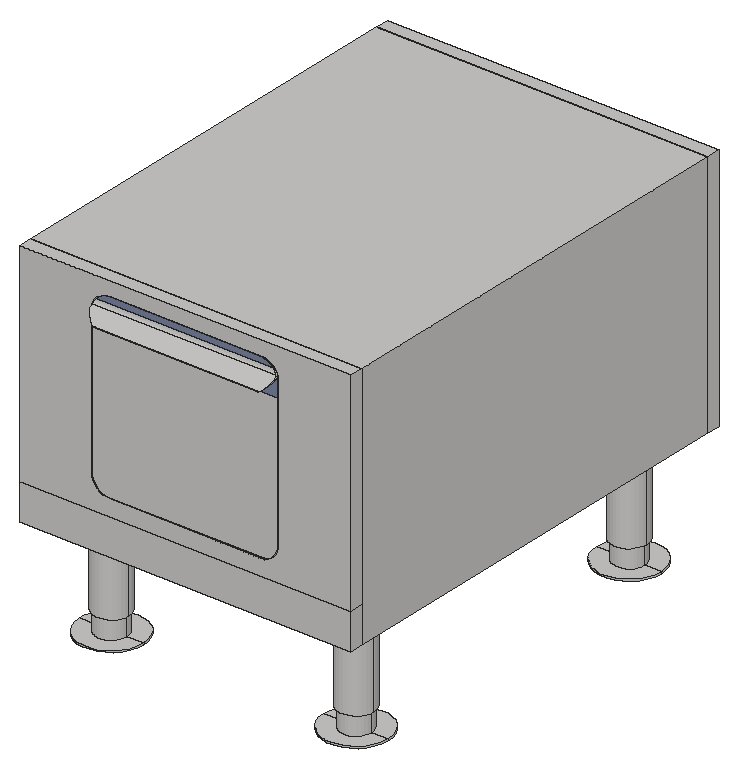
Revit family "QF_ELECTROLUXPROFESSIONAL_589904_MC1ICAFOOM", category Attrezzature speciali, Revit 2021
Family settings
  Quota connettore circolare = Usa diametro
  Tipo di parte = Normale
  Basato su piano di lavoro = No
  Sempre verticale = Sì
  Taglio con vuoti quando caricato = No
  Condiviso = No
  Punto di calcolo locali = No
Parameters (values of type "Standard")
  Weight = 24.00 kg
  Watts = 0 W
  Volts = 0 V
  URL Manufacturer = "https://www.electroluxprofessional.com/"
  URL = "https://www.electroluxprofessional.com/"
  Steam Supply Size = 0"
  Steam Supply Minimum Pressure = 0.00 psi
  Steam Supply Maximum Pressure = 0.00 psi
  Steam Consumption per Hour = 0
  Refrigeration Suction Line Size = 0 mm
  Refrigeration Liquid Line Size = 0 mm
  Refrigerant Compressor Remote = yes
  Prospetto di default = 0 mm
  Phase = 0
  Modello = "MC1ICAFOOM"
  Produttore = "Electrolux Professional"
  Length Actual = 600 mm  # constant formula
  Item Number = "589904"
  Hot Water Size = 0"
  Height Actual = 450 mm  # constant formula
  HP = "0 HP"
  Gas Size = 0"
  Gas KW = 0
  Gas Input Pressure = 0.0 Btu/h
  Direct Waste Size = 0"
  Descrizione = "CUPBOARD BASE, H3, GN, 1DR, 1SIDE, MARINE FEET, 600X900X450H"
  Depth Actual = 900 mm  # constant formula
  Cycle = 0 Hz
  Condensate Return Size = 0"
  Compressed Air Volume = 0 GPM
  Compressed Air Size = 0"
  Compressed Air Pressure = 0.00 psi
  Cold Water Size = 0"
  Accessory = yes
Reference planes
  plane 1 "BACK": y = 0
  plane 2: z = 0
  plane 3 "LEFT": x = -100
  plane 4 "RIGHT": x = 500
  plane 5 "FRONT": y = -900
  plane 6 "PLAIN": z = 900
  plane 7 "Center (Left/Right)": x = 200
  plane 8 "Center (Front/Back)": y = -450
  plane 9 "TOP": z = 650
  plane 10 "BASE": z = 200
  plane 11: x = 422
  plane 12: x = -22
  plane 13 "Feet_back": y = -150
  plane 14 "Feet_Front": y = -770
  plane 15: x = -100
  plane 16: x = 500
  plane 17: z = 265
  plane 18: y = -45
  plane 19: y = -855
  plane 20: y = -70
  plane 21: y = -880
  plane 22 "ButtonZ": z = 590
  plane 23: z = 427
Forms (mm)
  Extrusion 1, solid, material "QF_Finishes_Stainless Steel"
    sketch origin (-100, 0, 650) x (0, 1, 0) y (0, 0, 1)
      loop
        line (-70, -450) -> (-70, 0) -> (-855, 0) -> (-855, -450) -> (-70, -450)
    from 0 to 600
  Extrusion 2, solid, material "QF_Finishes_Stainless Steel"
    sketch origin (-100, 0, 650) x (0, 1, 0) y (0, 0, 1)
      loop
        line (-880, -450) -> (-855, -450) -> (-855, -385) -> (-880, -385) -> (-880, -450)
    from 0 to 600
  Extrusion 3, void
    sketch origin (0, -900, 0) x (1, 0, 0) y (0, 0, 1)
      loop
        line (-100, 650) -> (-100, 265) -> (500, 265) -> (500, 650) -> (-100, 650)
    from 0 to -830
  Extrusion 4, solid, material "QF_Finishes_Stainless Steel"
    sketch origin (0, -900, 0) x (1, 0, 0) y (0, 0, 1)
      loop
        line (-100, 650) -> (-100, 265) -> (500, 265) -> (500, 650) -> (-100, 650)
      loop
        arc (338, 295) -> (360.627, 304.373) -> (370, 327) r 32
        line (370, 327) -> (370, 593)
        arc (370, 593) -> (360.627, 615.627) -> (338, 625) r 32
        line (338, 625) -> (62, 625)
        arc (62, 625) -> (39.373, 615.627) -> (30, 593) r 32
        line (30, 593) -> (30, 327)
        arc (30, 327) -> (39.373, 304.373) -> (62, 295) r 32
        line (62, 295) -> (338, 295)
    from -45 to -830
  Revolve 5, solid, material "QF_Finishes_Stainless Steel"
    sketch origin (396, -770, 0) x (-1, 0, 0) y (0, 0, 1)
      loop
        line (450, 38) -> (450, 200) -> (418, 200) -> (418, 0) -> (476.5, 0) -> (476.5, 3) -> (446, 3) -> (446, 38) -> (450, 38)
      axis (418, 200) -> (418, 0)
    angle from 0 to 360
  Revolve 6, solid, material "QF_Finishes_Stainless Steel"
    sketch origin (640, -770, 0) x (-1, 0, 0) y (0, 0, 1)
      loop
        line (250, 38) -> (250, 200) -> (218, 200) -> (218, 0) -> (276.5, 0) -> (276.5, 3) -> (246, 3) -> (246, 38) -> (250, 38)
      axis (218, 200) -> (218, 0)
    angle from 0 to 360
  Revolve 7, solid, material "QF_Finishes_Stainless Steel"
    sketch origin (396, -150, 0) x (-1, 0, 0) y (0, 0, 1)
      loop
        line (450, 38) -> (450, 200) -> (418, 200) -> (418, 0) -> (476.5, 0) -> (476.5, 3) -> (446, 3) -> (446, 38) -> (450, 38)
      axis (418, 200) -> (418, 0)
    angle from 0 to 360
  Revolve 8, solid, material "QF_Finishes_Stainless Steel"
    sketch origin (640, -150, 0) x (-1, 0, 0) y (0, 0, 1)
      loop
        line (250, 38) -> (250, 200) -> (218, 200) -> (218, 0) -> (276.5, 0) -> (276.5, 3) -> (246, 3) -> (246, 38) -> (250, 38)
      axis (218, 200) -> (218, 0)
    angle from 0 to 360
  Extrusion 9, solid, material "QF_Finishes_Stainless Steel"
    sketch origin (0, -900, 0) x (1, 0, 0) y (0, 0, 1)
      loop
        line (-100, 650) -> (-100, 265) -> (500, 265) -> (500, 650) -> (-100, 650)
      loop
        arc (338, 295) -> (360.627, 304.373) -> (370, 327) r 32
        line (370, 327) -> (370, 593)
        arc (370, 593) -> (360.627, 615.627) -> (338, 625) r 32
        line (338, 625) -> (62, 625)
        arc (62, 625) -> (39.373, 615.627) -> (30, 593) r 32
        line (30, 593) -> (30, 327)
        arc (30, 327) -> (39.373, 304.373) -> (62, 295) r 32
        line (62, 295) -> (338, 295)
    from -45 to -20
  Extrusion 10, solid, material "QF_Finishes_Stainless Steel"
    sketch origin (0, 0, 0) x (1, 0, 0) y (0, 0, 1)
      loop
        line (-100, 650) -> (-100, 200) -> (500, 200) -> (500, 650) -> (-100, 650)
    from 45 to 70
  Extrusion 11, solid, material "QF_Finishes_Stainless Steel"
    sketch origin (0, -450, 0) x (-1, 0, 0) y (0, 0, 1)
      loop
        line (-370, 427) -> (-30, 427) -> (-30, 450) -> (-370, 450) -> (-370, 427)
    from -405 to 380
Cuts and joins
  Extrusion 3 cuts Extrusion 1
  joined: Extrusion 1, Extrusion 4
Lines and regions (mm)
  symbolic lines, style "SpecialityEquipmentHiddenLines"
    curve 1: line (-100, 0, 0) -> (500, 0, 0)
    curve 2: line (-100, -900, 0) -> (-100, 0, 0)
    curve 3: line (500, -900, 0) -> (-100, -900, 0)
    curve 4: line (500, 0, 0) -> (500, -900, 0)
Dimensions and locks
  plane 3 "LEFT" to plane 4 "RIGHT" = 600 mm
  plane 5 "FRONT" to plane 1 "BACK" = 900 mm
  equal spacing: plane 3 "LEFT", plane 7 "Center (Left/Right)", plane 4 "RIGHT"
  equal spacing: plane 5 "FRONT", plane 8 "Center (Front/Back)", plane 1 "BACK"
  plane 6 "PLAIN" to plane 9 "TOP" = 250 mm
  plane 10 "BASE" to level = 200 mm
  plane 9 "TOP" to plane 10 "BASE" = 450 mm
  locked: plane 1 "BACK" to plane 13 "Feet_back" at 150
  locked: plane 14 "Feet_Front" to plane 5 "FRONT" at 130
  locked: plane 12 to plane 3 "LEFT" at 78
  locked: plane 11 to plane 4 "RIGHT" at 78
  plane 16 to plane 15 = 600 mm
  locked: plane 17 to plane 10 "BASE" at 65
  locked: plane 1 "BACK" to plane 18 at 45
  locked: Extrusion 4 sketch curve to plane 17 at 30
  plane 6 "PLAIN" to level = 900 mm
  locked: plane 18 to plane 20 at 25
  locked: plane 21 to plane 5 "FRONT" at 20
  locked: plane 19 to plane 21 at 25
  plane 18 to plane 21 = 835 mm
  plane 22 "ButtonZ" to level = 590 mm
  plane 16 to plane 7 "Center (Left/Right)" to plane 15 = 300 mm, 300 mm
  plane 23 to plane 17 = 162 mm
  aligned and locked: level to plane 2
  aligned and locked: Extrusion 1 to plane 4 "RIGHT"
  aligned and locked: Extrusion 1 to plane 3 "LEFT"
  aligned and locked: Extrusion 2 to plane 4 "RIGHT"
  aligned and locked: plane 9 "TOP" to Extrusion 3 sketch curve
  aligned and locked: Extrusion 3 sketch curve to plane 15
  aligned and locked: plane 16 to Extrusion 3 sketch curve
  aligned and locked: Extrusion 2 to plane 10 "BASE"
  aligned and locked: Extrusion 2 to plane 17
  aligned and locked: plane 17 to Extrusion 3 sketch curve
  aligned and locked: Extrusion 4 sketch curve to plane 15
  aligned and locked: plane 16 to Extrusion 4 sketch curve
  aligned and locked: plane 9 "TOP" to Extrusion 4 sketch curve
  aligned and locked: plane 17 to Extrusion 4 sketch curve
  aligned and locked: Extrusion 4 to plane 20
  aligned and locked: cut or joined group of Extrusion 1, Extrusion 3, Extrusion 4 to plane 20
  aligned and locked: Extrusion 2 to plane 19
  aligned and locked: plane 21 to Extrusion 2
Automatic sketch dimensions
  curve 3 to plane 3 "LEFT" = 0 mm
  curve 3 to plane 4 "RIGHT" = 0 mm
  plane 5 "FRONT" to curve 3 = 0 mm
  plane 1 "BACK" to curve 2 = 0 mm
  Extrusion 1 sketch curve to plane 10 "BASE" = 0 mm
  Extrusion 1 sketch curve to plane 19 = 0 mm
  Extrusion 1 sketch curve to plane 20 = 0 mm
  Extrusion 1 sketch curve to plane 9 "TOP" = 0 mm
  plane 17 to Extrusion 2 sketch curve = 0 mm
  Extrusion 2 sketch curve to plane 21 = 0 mm
  Extrusion 2 sketch curve to plane 10 "BASE" = 0 mm
  Extrusion 2 sketch curve to plane 19 = 0 mm
  Revolve 5 sketch curve to plane 12 = 0 mm  (x2)
  Revolve 5 sketch curve to level = 0 mm
  Revolve 5 sketch curve to plane 10 "BASE" = 0 mm
  Revolve 5 sketch curve to plane 12 = 28 mm
  Revolve 5 sketch curve to Revolve 5 sketch curve = 32 mm
  plane 3 "LEFT" to Revolve 5 sketch curve = 19.5 mm
  level to Revolve 5 sketch curve = 3 mm
  Revolve 5 sketch curve to Revolve 5 sketch curve = 35 mm
  Revolve 5 sketch curve to Revolve 5 sketch curve = 130 mm
  Revolve 5 sketch curve to plane 17 = 115 mm
  Revolve 6 sketch curve to plane 11 = 0 mm  (x2)
  Revolve 6 sketch curve to level = 0 mm
  Revolve 6 sketch curve to plane 10 "BASE" = 0 mm
  Revolve 6 sketch curve to plane 11 = 28 mm
  Revolve 6 sketch curve to Revolve 6 sketch curve = 32 mm
  Revolve 6 sketch curve to Revolve 6 sketch curve = 30.5 mm
  level to Revolve 6 sketch curve = 3 mm
  Revolve 6 sketch curve to Revolve 6 sketch curve = 35 mm
  Revolve 6 sketch curve to Revolve 6 sketch curve = 130 mm
  Revolve 6 sketch curve to plane 17 = 115 mm
  Revolve 7 sketch curve to plane 12 = 0 mm  (x2)
  Revolve 7 sketch curve to level = 0 mm
  Revolve 7 sketch curve to plane 10 "BASE" = 0 mm
  Revolve 7 sketch curve to plane 12 = 28 mm
  Revolve 7 sketch curve to Revolve 7 sketch curve = 32 mm
  plane 3 "LEFT" to Revolve 7 sketch curve = 19.5 mm
  level to Revolve 7 sketch curve = 3 mm
  Revolve 7 sketch curve to Revolve 7 sketch curve = 35 mm
  Revolve 7 sketch curve to Revolve 7 sketch curve = 130 mm
  Revolve 7 sketch curve to plane 17 = 115 mm
  Revolve 8 sketch curve to plane 11 = 0 mm  (x2)
  Revolve 8 sketch curve to level = 0 mm
  Revolve 8 sketch curve to plane 10 "BASE" = 0 mm
  Revolve 8 sketch curve to plane 11 = 28 mm
  Revolve 8 sketch curve to Revolve 8 sketch curve = 32 mm
  Revolve 8 sketch curve to Revolve 8 sketch curve = 30.5 mm
  level to Revolve 8 sketch curve = 3 mm
  Revolve 8 sketch curve to Revolve 8 sketch curve = 35 mm
  Revolve 8 sketch curve to Revolve 8 sketch curve = 130 mm
  Revolve 8 sketch curve to plane 17 = 115 mm
  Extrusion 10 sketch curve to plane 3 "LEFT" = 0 mm
  plane 4 "RIGHT" to Extrusion 10 sketch curve = 0 mm
  Extrusion 10 sketch curve to plane 10 "BASE" = 0 mm
  Extrusion 10 sketch curve to plane 9 "TOP" = 0 mm
  plane 12 to Extrusion 4 sketch curve = 52 mm
  Extrusion 4 sketch curve to Extrusion 4 sketch curve = 32 mm  (x3)
  plane 22 "ButtonZ" to Extrusion 4 sketch curve = 3 mm  (x2)
  Extrusion 4 sketch curve to plane 11 = 84 mm
  Extrusion 11 sketch curve to plane 23 = 0 mm
  plane 23 to Extrusion 11 sketch curve = 23 mm
  Extrusion 11 sketch curve to plane 11 = 52 mm
  plane 12 to Extrusion 11 sketch curve = 52 mm
  Extrusion 9 sketch curve to plane 3 "LEFT" = 0 mm
  Extrusion 9 sketch curve to plane 9 "TOP" = 0 mm
  Extrusion 9 sketch curve to plane 17 = 0 mm
  plane 22 "ButtonZ" to Extrusion 9 sketch curve = 3 mm  (x2)
  plane 12 to Extrusion 9 sketch curve = 52 mm
  Extrusion 9 sketch curve to Extrusion 9 sketch curve = 32 mm  (x2)
  Extrusion 9 sketch curve to plane 9 "TOP" = 25 mm
  Extrusion 9 sketch curve to plane 17 = 30 mm
  Extrusion 9 sketch curve to plane 11 = 84 mm
  plane 4 "RIGHT" to Extrusion 9 sketch curve = 0 mm
Nested families
  nested 1: "H450H2_1DOOR" at (163.958, -855, 200) x (1, 0, 0) z (0, -1, 0), type "H450H2_1DOOR"
    with Width 340 mm, Show Clearance yes
Definition of nested family "H450H2_1DOOR"
  Parameters (values of type "H450H2_1DOOR")
    Width [instance] = 340 mm
    Show Clearance [instance] = yes
    Model = "727995"
    Height = 450 mm
    Default Elevation = 0 mm
  Reference planes
    plane 1 "Center (Front/Back)": y = 0
    plane 2: z = 0
    plane 3 "Center (Left/Right)": x = 36.042
    plane 4 "panel": z = 25
    plane 5: x = -133.958
    plane 6: x = 206.042
    plane 7: y = 450
    plane 8: z = 340
    plane 9: z = 45
    plane 10: x = -108.958
  Forms (mm)
    Extrusion 1, solid
      sketch origin (0, -919.2, 0) x (1, 0, 0) y (0, 1, 0)
        loop
          line (-980.5, 2119.2) -> (-980.5, -162.846) -> (881.94, -162.846) -> (881.94, 2119.2) -> (-980.5, 2119.2)
      from 0 to -59.546
    Extrusion 2, solid
      sketch origin (0, 0, 0) x (1, 0, 0) y (0, 1, 0)
        loop
          arc (-131.958, 127) -> (-123.171, 105.787) -> (-101.958, 97) r 30
          line (-101.958, 97) -> (174.042, 97)
          arc (174.042, 97) -> (195.255, 105.787) -> (204.042, 127) r 30
          line (204.042, 127) -> (204.042, 368) -> (-131.958, 368) -> (-131.958, 127)
      from 0 to 25
    Extrusion 3, solid
      sketch origin (0, -27, 0) x (1, 0, 0) y (0, 1, 0)
        loop
          line (-131.958, 393) -> (204.042, 393) -> (204.042, 420)
          arc (204.042, 420) -> (195.255, 441.213) -> (174.042, 450) r 30
          line (174.042, 450) -> (-101.958, 450)
          arc (-101.958, 450) -> (-123.171, 441.213) -> (-131.958, 420) r 30
          line (-131.958, 420) -> (-131.958, 393)
      from 0 to 25
    Extrusion 4, solid
      sketch origin (36.042, -27, 0) x (0, 1, 0) y (0, 0, 1)
        loop
          line (426.693, 25) -> (440.02, 25)
          arc (440.02, 25) -> (435.261, 25.775) -> (430.993, 28.02) r 15
          line (430.993, 28.02) -> (406.653, 46.362) -> (403.644, 42.369) -> (426.693, 25)
      from -168 to 168
    Extrusion 5, void
      sketch origin (72.084, 0, 0) x (-1, 0, 0) y (0, -1, 0)
        loop
          line (204.042, -399.693) -> (204.042, -376.644) -> (180.317, -376.644)
          arc (180.317, -376.644) -> (194.048, -385.332) -> (203.528, -398.53) r 42.603
          arc (203.528, -398.53) -> (193.201, -416.086) -> (174.042, -423) r 30
          line (174.042, -423) -> (204.042, -423) -> (204.042, -399.693)
      from 25 to 47.9
    Extrusion 6, void
      sketch origin (0, 0, 0) x (1, 0, 0) y (0, 1, 0)
        loop
          line (204.042, 423) -> (174.042, 423)
          arc (174.042, 423) -> (193.201, 416.086) -> (203.528, 398.53) r 30
          arc (203.528, 398.53) -> (194.048, 385.332) -> (180.317, 376.644) r 42.603
          line (180.317, 376.644) -> (204.042, 376.644) -> (204.042, 423)
      from 25 to 47.9
    Extrusion 7, solid, detail levels coarse
      sketch origin (0, 0, 0) x (1, 0, 0) y (0, 0, 1)
        loop
          line (-133.958, 340) -> (-133.958, 25) -> (206.042, 25)
          arc (206.042, 25) -> (107.107, 241.065) -> (-108.958, 340) r 340.918
          line (-108.958, 340) -> (-133.958, 340)
      from -423 to -97
  Cuts and joins
    Extrusion 5, Extrusion 6 cuts Extrusion 4
    Extrusion 6 cuts Extrusion 3
  Lines and regions (mm)
    symbolic lines
      curve 1: line (-133.958, 0, 340) -> (-133.958, 0, 45)
      curve 2: arc (203.986, 0, 44.931) -> (99.919, 0, 248.045) -> (-108.958, 0, 340) r 340.918
      curve 3: line (-108.958, 0, 45) -> (-108.958, 0, 340)
      curve 4: line (-108.958, 0, 340) -> (-133.958, 0, 340)
  Dimensions and locks
    plane 4 "panel" to level = 25 mm
    "Width": plane 5 to plane 6
    equal spacing: plane 5, plane 3 "Center (Left/Right)", plane 6
    "Height": plane 1 "Center (Front/Back)" to plane 7
    locked: plane 5 to Extrusion 2 sketch curve at 2
    locked: plane 1 "Center (Front/Back)" to Extrusion 2 sketch curve at 97
    plane 7 to Extrusion 2 sketch curve = 82 mm
    locked: Extrusion 2 sketch curve to plane 6 at 2
    "Width": Extrusion 1 to plane 8
    locked: plane 10 to plane 5 at 25
    aligned and locked: plane 2 to Extrusion 1
    aligned and locked: level to Extrusion 1
    aligned and locked: plane 4 "panel" to Extrusion 2
    aligned and locked: plane 4 "panel" to Extrusion 3
    aligned and locked: Extrusion 4 to Extrusion 3
    aligned and locked: Extrusion 3 to Extrusion 4
    aligned and locked: Extrusion 3 to Extrusion 2
    aligned and locked: cut or joined group of Extrusion 4, Extrusion 5, Extrusion 6 to plane 4 "panel"
    aligned and locked: Extrusion 6 sketch curve to Extrusion 2
    aligned and locked: Extrusion 2 to cut or joined group of Extrusion 4, Extrusion 5, Extrusion 6
    aligned and locked: plane 5 to Extrusion 7 sketch curve
    aligned and locked: plane 4 "panel" to Extrusion 7 sketch curve
    aligned and locked: Extrusion 2 to Extrusion 7
  Automatic sketch dimensions
    Extrusion 1 sketch curve to Extrusion 1 sketch curve = 1862.44 mm
    Extrusion 1 sketch curve to Extrusion 1 sketch curve = 2282.046 mm
    Extrusion 4 sketch curve to plane 4 "panel" = 0 mm
    plane 4 "panel" to Extrusion 4 sketch curve = 17.369 mm
    Extrusion 4 sketch curve to plane 7 = 73.356 mm
    plane 4 "panel" to Extrusion 4 sketch curve = 21.362 mm
    Extrusion 4 sketch curve to Extrusion 4 sketch curve = 3.009 mm
    plane 4 "panel" to Extrusion 4 sketch curve = 3.02 mm
    Extrusion 4 sketch curve to Extrusion 4 sketch curve = 9.027 mm
    curve 4 to plane 5 = 0 mm
    curve 3 to plane 8 = 0 mm
    plane 10 to curve 4 = 0 mm
    curve 2 to level = 0 mm
    curve 1 to plane 9 = 0 mm
    curve 3 to plane 9 = 0 mm
    curve 2 to plane 9 = 0.069 mm
    curve 2 to plane 5 = 0 mm
    Extrusion 7 sketch curve to level = 0 mm
    Extrusion 7 sketch curve to plane 5 = 0 mm
    Extrusion 7 sketch curve to plane 8 = 0 mm
    Extrusion 7 sketch curve to plane 6 = 0 mm
    Extrusion 2 sketch curve to plane 10 = 7 mm
    Extrusion 2 sketch curve to Extrusion 2 sketch curve = 30 mm
    Extrusion 3 sketch curve to plane 7 = 27 mm
    Extrusion 3 sketch curve to plane 10 = 7 mm
    plane 5 to Extrusion 3 sketch curve = 2 mm
    Extrusion 3 sketch curve to plane 6 = 2 mm
    Extrusion 3 sketch curve to plane 7 = 57 mm
    Extrusion 3 sketch curve to Extrusion 3 sketch curve = 27 mm
    plane 7 to Extrusion 5 sketch curve = 27 mm
    plane 7 to Extrusion 5 sketch curve = 33.671 mm
    plane 10 to Extrusion 5 sketch curve = 16.221 mm
    plane 10 to Extrusion 5 sketch curve = 7 mm
    plane 10 to Extrusion 5 sketch curve = 0.725 mm
    Extrusion 5 sketch curve to plane 5 = 2 mm
    Extrusion 5 sketch curve to Extrusion 5 sketch curve = 16.356 mm
    Extrusion 5 sketch curve to Extrusion 5 sketch curve = 0.514 mm
    plane 7 to Extrusion 5 sketch curve = 50.307 mm
    Extrusion 6 sketch curve to plane 7 = 27 mm
    Extrusion 6 sketch curve to Extrusion 6 sketch curve = 6.275 mm
    Extrusion 6 sketch curve to Extrusion 6 sketch curve = 9.221 mm
    Extrusion 6 sketch curve to Extrusion 6 sketch curve = 16.356 mm
    Extrusion 6 sketch curve to plane 7 = 33.671 mm
    Extrusion 6 sketch curve to Extrusion 6 sketch curve = 23.329 mm
    Extrusion 6 sketch curve to Extrusion 6 sketch curve = 0.514 mm
